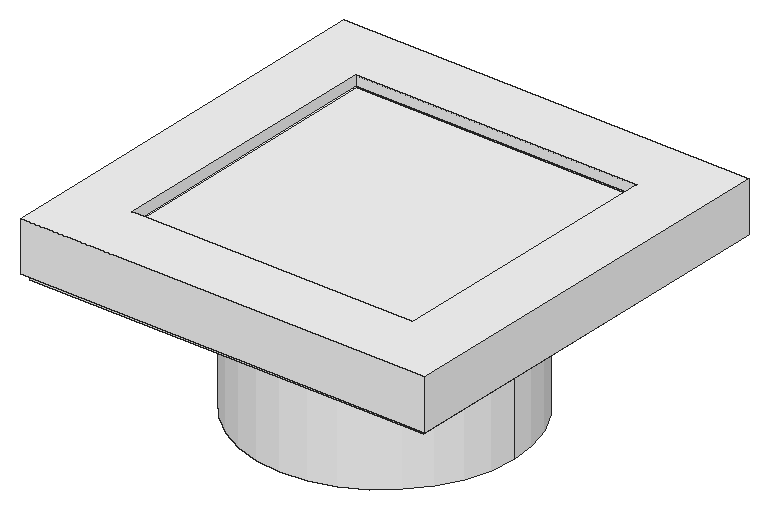
Revit family "Gira_228401", category Electrical Fixtures, host Face, Revit 2017
Family settings
  Host = Face
  Maintain Annotation Orientation = Yes
  Round Connector Dimension = Use Diameter
  Part Type = Normal
  Cut with Voids When Loaded = No
  Shared = No
  Room Calculation Point = No
Parameters (values of type "UP-Radio RDS o.Lautsprecher System 55 Cremeweiß")
  Zusammenstellung = "Basiselement"
  White [instance] = White
  Werkstoffgüte = "sonstige"
  Werkstoff = "sonstige"
  URL = "http://katalog.gira.de/de_DE/datenblatt.html?artikelnr=228401"
  Region = "DE"
  RAL-Nummer (ähnlich) = "1013 "
  Oberfläche = "sonstige"
  Name = "UP-Radio RDS o.Lautsprecher System 55 Cremeweiß"
  Montageart = "unter Putz"
  Model = "Sys55_Komplettgerät_Schalten und Tasten"
  Manufacturer URL = "https://www.gira.de/"
  HeinzeBIM = "https://bimportal.heinze.de/bim/up-radio-rds-o-lautsprecher-system-55-cremeweiss/cfaba606b9b11582a51ffa6d09bbcfa7e5a4db87"
  Halogenfrei = "Yes"
  HAN = "228401"
  GTIN = "4010337889199"
  Farbe = "cremeweiß (elektroweiß)"
  Default Elevation = 1219.2 mm
  Data sheet (1) = "https://katalog.gira.de/de_DE/download.html?artikelnr=228401"
  Category = "Elektronik-Gerät für Installationsschalterprogramme"
  Befestigungsart = "Krallen-/Schraubbefestigung"
  Available = "Yes"
  Ausführung der Oberfläche = "glänzend"
  Ausführung = "Radio (*en-EN)"
Reference planes
  plane 1 "Center (Front/Back)": y = 0
  plane 2: z = 0
  plane 3 "Center (Left/Right)": x = 0
Forms (mm)
  Extrusion 1, solid, material "White" <- "White", detail levels medium
    sketch origin (0, 0, 0) x (1, 0, 0) y (0, 1, 0)
      loop
        line (-40.4, 40.4) -> (-40.4, -40.4) -> (40.4, -40.4) -> (40.4, 40.4) -> (-40.4, 40.4)
      loop
        line (-28, 28) -> (-28, -28) -> (28, -28) -> (28, 28) -> (-28, 28)
    from 0 to 10
  Extrusion 2, solid, material "White" <- "White", detail levels fine
    sketch origin (0, 0, 0) x (1, 0, 0) y (0, 1, 0)
      loop
        line (-40.4, 40.4) -> (-40.4, -40.4) -> (40.4, -40.4) -> (40.4, 40.4) -> (-40.4, 40.4)
      loop
        line (-28, 28) -> (-28, -28) -> (28, -28) -> (28, 28) -> (-28, 28)
    from 0 to 10
  Extrusion 3, void
    sketch origin (0, 0, 0) x (1, 0, 0) y (0, 1, 0)
      loop
        line (-38.4, 38.4) -> (-38.4, -38.4) -> (38.4, -38.4) -> (38.4, 38.4) -> (-38.4, 38.4)
    from 0 to 8
  Extrusion 4, solid, material "White" <- "White", detail levels medium+fine
    sketch origin (0, 0, 0) x (1, 0, 0) y (0, 1, 0)
      loop
        line (-39.4, 39.4) -> (-39.4, -39.4) -> (39.4, -39.4) -> (39.4, 39.4) -> (-39.4, 39.4)
    from 0 to -1
  Extrusion 5, solid, material "White" <- "White", detail levels medium+fine
    sketch origin (0, 0, 0) x (1, 0, 0) y (0, 1, 0)
      loop
        line (-35.5, 35.5) -> (-35.5, -35.5) -> (35.5, -35.5) -> (35.5, 35.5) -> (-35.5, 35.5)
    from -2 to -3
  Extrusion 6, solid, material "White" <- "White", detail levels medium+fine
    sketch origin (0, 0, 0) x (1, 0, 0) y (0, 1, 0)
      loop
        circle (0, 0) r 26
    from 0 to -27.5
  Extrusion 7, solid, material "White" <- "White", detail levels coarse
    sketch origin (0, 0, 0) x (1, 0, 0) y (0, 1, 0)
      loop
        line (-40.4, 40.4) -> (-40.4, -40.4) -> (40.4, -40.4) -> (40.4, 40.4) -> (-40.4, 40.4)
    from -27.5 to 10
Cuts and joins
  Extrusion 3 cuts Extrusion 2
Dimensions and locks
  aligned and locked: plane 2 to host face
  aligned and locked: level to host face
  aligned and locked: plane 3 "Center (Left/Right)" to nested 2
  aligned and locked: plane 1 "Center (Front/Back)" to nested 2
Nested families
  nested 1: "Sys55_Abdeckung_Schalten und Tasten_floor_base" at (0, 0, 0), type "Sys55_Abdeckung_Schalten und Tasten_floor_base"
  nested 2: "Schalter" at (0, 0, 0), type "Schalter"
Connectors
  electrical at (0, 0, -27.5)
    settings: on Extrusion 6, index 1, voltage 220 V, apparent load 0 VA, apparent load phase1 0 VA, apparent load phase2 0 VA, apparent load phase3 0 VA, power factor 1, load classification "Other", number of poles 1, system type 30, power factor state 1, is connector primary yes, connector utility no, sub classification motor no, connector description ""
Definition of nested family "Sys55_Abdeckung_Schalten und Tasten_floor_base"
  Parameters
    Default Elevation = 1219.2 mm
    White [instance] = none
  Reference planes
    plane 1 "Center (Front/Back)": y = 0
    plane 2: z = 0
    plane 3 "Center (Left/Right)": x = 0
  Forms (mm)
    Extrusion 1, solid
      sketch origin (0, 0, 0) x (1, 0, 0) y (0, 1, 0)
        loop
          line (-1219.2, 1219.2) -> (-1219.2, -1219.2) -> (1219.2, -1219.2) -> (1219.2, 1219.2) -> (-1219.2, 1219.2)
      from 0 to -304.8
    Extrusion 2, solid, material <- "White", detail levels fine
      sketch origin (0, 0, 0) x (1, 0, 0) y (0, 1, 0)
        loop
          line (-27.5, 27.5) -> (-27.5, -27.5) -> (27.5, -27.5) -> (27.5, 27.5) -> (-27.5, 27.5)
      from 0 to 8
    Extrusion 3, void
      sketch origin (0, 0, 0) x (1, 0, 0) y (0, 1, 0)
        loop
          line (26, 26) -> (-26, 26) -> (-26, -26) -> (26, -26) -> (26, 26)
      from 0 to 6
    Extrusion 4, solid, material <- "White", detail levels medium
      sketch origin (0, 0, 0) x (1, 0, 0) y (0, 1, 0)
        loop
          line (-27.5, 27.5) -> (-27.5, -27.5) -> (27.5, -27.5) -> (27.5, 27.5) -> (-27.5, 27.5)
      from 0 to 8
    Extrusion 5, solid, material <- "White", detail levels medium
      sketch origin (0, 0, 0) x (1, 0, 0) y (0, 1, 0)
        loop
          line (11, -17.5) -> (11, 17.5) -> (-11, 17.5) -> (-11, -17.5) -> (11, -17.5)
      from -6 to 6
    Extrusion 6, solid, material <- "White", detail levels fine
      sketch origin (0, 0, 0) x (1, 0, 0) y (0, 1, 0)
        loop
          line (11, 17.5) -> (-11, 17.5) -> (-11, 16.5) -> (11, 16.5) -> (11, 17.5)
        loop
          line (-11, -16.5) -> (-11, -17.5) -> (11, -17.5) -> (11, -16.5) -> (-11, -16.5)
      from -4 to 6
    Extrusion 7, solid, material <- "White", detail levels fine
      sketch origin (0, 0, 0) x (1, 0, 0) y (0, 1, 0)
        loop
          arc (5, 9.347) -> (0, 10.6) -> (-5, 9.347) r 10.6
          line (-5, 9.347) -> (-5, -9.347)
          arc (-5, -9.347) -> (0, -10.6) -> (5, -9.347) r 10.6
          line (5, -9.347) -> (5, 9.347)
      from -6 to 6
    Extrusion 8, solid, material <- "White", detail levels coarse
      sketch origin (0, 0, 0) x (1, 0, 0) y (0, 1, 0)
        loop
          line (-27.5, 27.5) -> (-27.5, -27.5) -> (27.5, -27.5) -> (27.5, 27.5) -> (-27.5, 27.5)
      from -6 to 8
  Cuts and joins
    Extrusion 3 cuts Extrusion 2
  Dimensions and locks
    aligned and locked: plane 2 to Extrusion 1
    aligned and locked: level to Extrusion 1
Definition of nested family "Schalter"
  Reference planes
    plane 1: y = 0
    plane 2: x = 0
  Lines and regions (mm)
    detail lines
      curve 1: circle (1.375, 2.778, 0) r 0.8 normal (0, 0, 1)
      curve 2: line (1.021, 2.061, 0) -> (0, 0, 0)
      curve 3: line (0, 0, 0) -> (-0.538, 0.266, 0)
  Dimensions and locks
    curve 2 to curve 2 = 2.3 mm
    curve 3 to curve 2 = 0.6 mm
    radius of curve 1 = 0.8 mm
